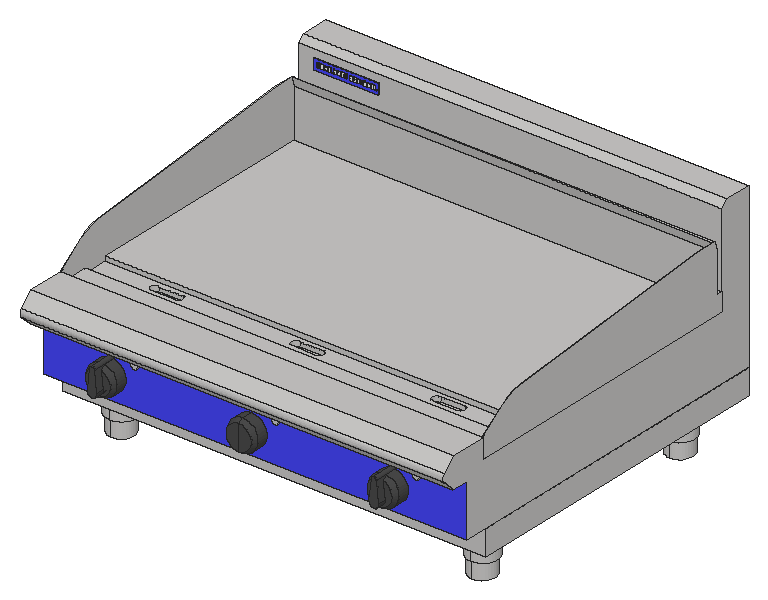
Revit family "QF_MOFFAT_BLUESEAL_CE_E516A-B", category Specialty Equipment, Revit 2012
Parameters
  Width [instance] = 900.0 mm  # constant formula
  Weight in Pounds = 198  # constant formula
  Watts = 10200 W
  Volts = 400 V
  URL Cutsheet = "www.moffat.com"
  URL = "www.moffat.com"
  Type Mark [instance] = ""
  Status [instance] = ""
  Specification by User [instance] = ""
  Specification by Manufacturer = ""
  Show Logo [instance] = yes
  Serial Number = ""
  Seismic Rating = ""
  SMACNA No = ""
  Revision Code [instance] = ""
  Phase = 3
  Omniclass Number and Title = ""
  Number of Poles = 1
  NAFEM Spec ID Number = ""
  Model = "E516A-B"
  Min Ckt Ampacity = 0 A
  Max Overcurrent Protection = 0 A
  Masterspec = ""
  Manufacturer = "MOFFAT BLUESEAL"
  Item Number [instance] = ""
  Installed By [instance] = ""
  Identify Quantity as Lot [instance] = yes
  Height [instance] = 370.0 mm  # constant formula
  HP = ""
  Furnished By [instance] = ""
  Foodservice Equipment Identifier [instance] = yes
  FL Amps = 15 A
  Electrical Remarks = "15A PER PHASE"
  Elec Conn RI Height = 0.0 mm
  Elec Conn Connection Height = 0.0 mm
  Description = "900MM ELECTRIC GRIDDLE PLATE BENCH MOUNT"
  Depth [instance] = 812.0 mm  # constant formula
  Cycle = 50 Hz
  Conn Plug = ""
  Conn Conduit = yes
  CSI MasterFormat = ""
  CSI Master Format = ""
  Base Height [instance] = 85.0 mm
  Apparent Power = if(Phase = 3, Volts * FL Amps * 1.73, Volts * FL Amps)  # 10380 VA
Reference planes
  plane 1 "BACK": y = 0
  plane 2: z = 0
  plane 3 "LEFT": x = 0
  plane 4 "RIGHT": x = 900
  plane 5 "FRONT": y = -812
  plane 6 "TOP": z = 375
  plane 7 "Center Y": x = 450
  plane 8 "Center X": y = -406
  plane 9 "Base Height": z = 85
  plane 10: z = 485
  plane 11: y = -100
  plane 12: y = -625
  plane 13: x = 834.5
  plane 14: x = 65.5
Forms (mm)
  Extrusion 1, solid, material "QF_Finishes_Stainless Steel"
    sketch origin (0, 0, 0) x (0, 1, 0) y (0, 0, 1)
      loop
        line (0, 140) -> (0, 485) -> (-57.5, 485) -> (-70, 472.5) -> (-70, 275) -> (-705, 275) -> (-705, 315) -> (-783.97, 315) -> (-808.485, 290.485)
        arc (-808.485, 290.485) -> (-811.999, 282) -> (-808.485, 273.515) r 12
        line (-808.485, 273.515) -> (-784.97, 250) -> (-749, 250) -> (-749, 140) -> (0, 140)
      loop
        line (0, 85) -> (0, 139.206) -> (-699, 139.206) -> (-699, 85) -> (0, 85)
    from 0 to 900
  Revolve 2, solid, material "QF_Finishes_Stainless Steel"
    sketch origin (65.5, -210, 0) x (0, 1, 0) y (0, 0, 1)
      loop
        line (78.25, 85) -> (78.25, 35) -> (82.5, 35) -> (82.5, 0) -> (110, 0) -> (110, 85) -> (78.25, 85)
      axis (110, 85) -> (110, 0)
    angle from 0 to 360
  Extrusion 3, void
    sketch origin (0, -706, 139.206) x (0, 1, 0) y (-1, 0, 0)
      loop
        circle (674, -770) r 13.5
    from 0 to -86.704
  Revolve 4, solid, material "QF_Finishes_Black"
    sketch origin (750, 7, -6.7) x (0, 1, 0) y (0, 0, -1)
      loop
        line (-789, -234.5) -> (-766, -234.5) -> (-766, -207) -> (-756, -207) -> (-756, -202) -> (-800, -202) -> (-800, -228.651) -> (-789, -234.5)
      axis (-800, -202) -> (-756, -202)
    angle from 0 to 360
  Extrusion 5, solid, material "QF_Finishes_Black"
    sketch origin (888.27, 0, -6.542) x (-1, 0, 0) y (0, 0, -1)
      loop
        line (143.268, -233.955) -> (148.757, -189.87)
        arc (148.757, -189.87) -> (137.685, -179.371) -> (127.85, -191.037) r 10.487
        line (127.85, -191.037) -> (133.271, -233.955)
        arc (133.271, -233.955) -> (138.27, -238.842) -> (143.268, -233.955) r 5
    from 759 to 808
  Revolve 6, solid, material "QF_Finishes_Stainless Steel"
    sketch origin (65.5, -728, 0) x (0, 1, 0) y (0, 0, 1)
      loop
        line (71.25, 85) -> (71.25, 35) -> (75.5, 35) -> (75.5, 0) -> (103, 0) -> (103, 85) -> (71.25, 85)
      axis (103, 85) -> (103, 0)
    angle from 0 to 360
  Extrusion 7, solid, material "QF_Finishes_Stainless Steel"
    sketch origin (0, -706, 139.206) x (0, 1, 0) y (-1, 0, 0)
      loop
        circle (675, -769.75) r 6.35
    from 0 to -24.206
  Extrusion 8, solid, material "QF_Finishes_Stainless Steel"
    sketch origin (0, -749, 250) x (0, 0, -1) y (1, 0, 0)
      loop
        circle (24.7, 195) r 7.15
      loop
        circle (24.7, 495) r 7.15
      loop
        circle (24.7, 794.7) r 7.15
    from 0 to 3.2
  Revolve 9, solid, material "QF_Finishes_Stainless Steel"
    sketch origin (834.5, -210, 0) x (0, 1, 0) y (0, 0, -1)
      loop
        line (78.25, -85) -> (110, -85) -> (110, 0) -> (82.5, 0) -> (82.5, -35) -> (78.25, -35) -> (78.25, -85)
      axis (110, -85) -> (110, 0)
    angle from 0 to 360
  Revolve 10, solid, material "QF_Finishes_Stainless Steel"
    sketch origin (834.5, -728, 0) x (0, 1, 0) y (0, 0, -1)
      loop
        line (71.25, -85) -> (103, -85) -> (103, 0) -> (75.5, 0) -> (75.5, -35) -> (71.25, -35) -> (71.25, -85)
      axis (103, -85) -> (103, 0)
    angle from 0 to 360
  Revolve 11, solid, material "QF_Finishes_Black"
    sketch origin (450, 7, -6.7) x (0, 1, 0) y (0, 0, -1)
      loop
        line (-789, -234.5) -> (-766, -234.5) -> (-766, -207) -> (-756, -207) -> (-756, -202) -> (-800, -202) -> (-800, -228.651) -> (-789, -234.5)
      axis (-800, -202) -> (-756, -202)
    angle from 0 to 360
  Revolve 12, solid, material "QF_Finishes_Black"
    sketch origin (150, 7, -6.7) x (0, 1, 0) y (0, 0, -1)
      loop
        line (-789, -234.5) -> (-766, -234.5) -> (-766, -207) -> (-756, -207) -> (-756, -202) -> (-800, -202) -> (-800, -228.651) -> (-789, -234.5)
      axis (-800, -202) -> (-756, -202)
    angle from 0 to 360
  Extrusion 13, solid, material "QF_Finishes_Black"
    sketch origin (288.27, 0, -6.542) x (-1, 0, 0) y (0, 0, -1)
      loop
        line (143.268, -233.955) -> (148.757, -189.87)
        arc (148.757, -189.87) -> (137.685, -179.371) -> (127.85, -191.037) r 10.487
        line (127.85, -191.037) -> (133.271, -233.955)
        arc (133.271, -233.955) -> (138.27, -238.842) -> (143.268, -233.955) r 5
    from 759 to 808
Cuts and joins
  joined: Revolve 4, Extrusion 5
  Extrusion 3 cuts Extrusion 1
Lines and regions (mm)
  Split face 1
    outline origin (900, 0, 485) x (-1, 0, 0) y (0, -1, 0)
      loop
        arc (856, 18.385) -> (864.66, 23.385) -> (864.66, 33.385) r 10
        line (864.66, 33.385) -> (860.619, 40.385)
        arc (860.619, 40.385) -> (856.959, 44.045) -> (851.959, 45.385) r 10
        line (851.959, 45.385) -> (624, 45.385)
        arc (624, 45.385) -> (615.34, 40.385) -> (615.34, 30.385) r 10
        line (615.34, 30.385) -> (619.381, 23.385)
        arc (619.381, 23.385) -> (623.041, 19.725) -> (628.041, 18.385) r 10
        line (628.041, 18.385) -> (856, 18.385)
  Split face 2
    outline origin (900, 0, 485) x (-1, 0, 0) y (0, -1, 0)
      loop
        arc (276, 18.385) -> (284.66, 23.385) -> (284.66, 33.385) r 10
        line (284.66, 33.385) -> (280.619, 40.385)
        arc (280.619, 40.385) -> (276.959, 44.045) -> (271.959, 45.385) r 10
        line (271.959, 45.385) -> (44, 45.385)
        arc (44, 45.385) -> (35.34, 40.385) -> (35.34, 30.385) r 10
        line (35.34, 30.385) -> (39.381, 23.385)
        arc (39.381, 23.385) -> (43.041, 19.725) -> (48.041, 18.385) r 10
        line (48.041, 18.385) -> (276, 18.385)
  Split face 3
    outline origin (900, 0, 485) x (-1, 0, 0) y (0, -1, 0)
      loop
        arc (566, 18.385) -> (574.66, 23.385) -> (574.66, 33.385) r 10
        line (574.66, 33.385) -> (570.619, 40.385)
        arc (570.619, 40.385) -> (566.959, 44.045) -> (561.959, 45.385) r 10
        line (561.959, 45.385) -> (334, 45.385)
        arc (334, 45.385) -> (325.34, 40.385) -> (325.34, 30.385) r 10
        line (325.34, 30.385) -> (329.381, 23.385)
        arc (329.381, 23.385) -> (333.041, 19.725) -> (338.041, 18.385) r 10
        line (338.041, 18.385) -> (566, 18.385)
  symbolic lines
    curve 1: line (0, -812, 0) -> (900, -812, 0)
    curve 2: line (0, 0, 0) -> (0, -812, 0)
    curve 3: line (900, 0, 0) -> (0, 0, 0)
    curve 4: line (900, -812, 0) -> (900, 0, 0)
    curve 5: line (0, -57.5, 0) -> (900, -57.5, 0)
    curve 6: line (0, -70, 0) -> (900, -70, 0)
    curve 7: line (0, -783.97, 0) -> (900, -783.97, 0)
    curve 8: line (0, -705, 0) -> (900, -705, 0)
    curve 9: line (271.959, -18.385, 0) -> (44, -18.385, 0)
    curve 10: arc (44, -18.385, 0) -> (35.34, -23.385, 0) -> (35.34, -33.385, 0) r 10
    curve 11: line (35.34, -33.385, 0) -> (39.381, -40.385, 0)
    curve 12: arc (39.381, -40.385, 0) -> (43.041, -44.045, 0) -> (48.041, -45.385, 0) r 10
    curve 13: line (48.041, -45.385, 0) -> (276, -45.385, 0)
    curve 14: arc (276, -45.385, 0) -> (284.66, -40.385, 0) -> (284.66, -30.385, 0) r 10
    curve 15: line (284.66, -30.385, 0) -> (280.619, -23.385, 0)
    curve 16: arc (280.619, -23.385, 0) -> (276.959, -19.725, 0) -> (271.959, -18.385, 0) r 10
    curve 17: line (334, -18.385, 0) -> (561.959, -18.385, 0)
    curve 18: arc (561.959, -18.385, 0) -> (566.959, -19.725, 0) -> (570.619, -23.385, 0) r 10
    curve 19: line (570.619, -23.385, 0) -> (574.66, -30.385, 0)
    curve 20: arc (574.66, -30.385, 0) -> (574.66, -40.385, 0) -> (566, -45.385, 0) r 10
    curve 21: line (566, -45.385, 0) -> (338.041, -45.385, 0)
    curve 22: arc (338.041, -45.385, 0) -> (333.041, -44.045, 0) -> (329.381, -40.385, 0) r 10
    curve 23: line (329.381, -40.385, 0) -> (325.34, -33.385, 0)
    curve 24: arc (325.34, -33.385, 0) -> (325.34, -23.385, 0) -> (334, -18.385, 0) r 10
    curve 25: line (624, -18.385, 0) -> (851.959, -18.385, 0)
    curve 26: arc (851.959, -18.385, 0) -> (856.959, -19.725, 0) -> (860.619, -23.385, 0) r 10
    curve 27: line (860.619, -23.385, 0) -> (864.66, -30.385, 0)
    curve 28: arc (864.66, -30.385, 0) -> (864.66, -40.385, 0) -> (856, -45.385, 0) r 10
    curve 29: line (856, -45.385, 0) -> (628.041, -45.385, 0)
    curve 30: arc (628.041, -45.385, 0) -> (623.041, -44.045, 0) -> (619.381, -40.385, 0) r 10
    curve 31: line (619.381, -40.385, 0) -> (615.34, -33.385, 0)
    curve 32: arc (615.34, -33.385, 0) -> (615.34, -23.385, 0) -> (624, -18.385, 0) r 10
Dimensions and locks
  equal spacing: plane 3 "LEFT", plane 7 "Center Y", plane 4 "RIGHT"
  "Width": plane 3 "LEFT" to plane 4 "RIGHT"
  equal spacing: plane 5 "FRONT", plane 8 "Center X", plane 1 "BACK"
  "Depth": plane 5 "FRONT" to plane 1 "BACK"
  "Base Height": plane 9 "Base Height" to level
  locked: plane 6 "TOP" to plane 9 "Base Height" at 290
  plane 6 "TOP" to level = 375.0 mm
  locked: plane 10 to plane 2 at 485
  Extrusion 7 sketch curve to plane 1 "BACK" = 31.0 mm
  cut or joined group of Extrusion 1, Extrusion 3 to plane 2 = 315.0 mm
  aligned and locked: level to plane 2
  aligned and locked: Revolve 2 sketch curve to plane 9 "Base Height"
  aligned and locked: cut or joined group of Extrusion 1, Extrusion 3 to plane 4 "RIGHT"
Automatic sketch dimensions
  curve 1 to plane 3 "LEFT" = 0.0 mm
  curve 4 to plane 4 "RIGHT" = 0.0 mm
  plane 5 "FRONT" to curve 1 = 0.0 mm
  plane 1 "BACK" to curve 3 = 0.0 mm
  curve 11 to plane 14 = 30.16 mm
  curve 11 to curve 12 = 4.041 mm
  curve 10 to curve 9 = 8.66 mm
  curve 11 to curve 12 = 8.66 mm
  plane 1 "BACK" to curve 16 = 28.385 mm
  curve 16 to curve 14 = 4.041 mm  (x2)
  plane 1 "BACK" to curve 15 = 23.385 mm
  curve 9 to curve 15 = 8.66 mm
  plane 1 "BACK" to curve 23 = 33.385 mm
  curve 15 to curve 23 = 40.679 mm
  curve 24 to curve 22 = 4.041 mm  (x2)
  curve 24 to curve 24 = 8.66 mm
  plane 1 "BACK" to curve 18 = 18.385 mm
  plane 7 "Center Y" to curve 18 = 111.959 mm
  curve 18 to curve 21 = 4.041 mm
  curve 17 to curve 18 = 8.66 mm
  plane 1 "BACK" to curve 19 = 30.385 mm
  curve 18 to curve 19 = 4.041 mm
  plane 1 "BACK" to curve 31 = 33.385 mm
  curve 19 to curve 31 = 40.679 mm
  plane 1 "BACK" to curve 31 = 40.385 mm
  curve 31 to curve 31 = 4.041 mm
  curve 32 to curve 32 = 8.66 mm
  curve 31 to curve 30 = 8.66 mm
  plane 13 to curve 26 = 17.459 mm
  curve 26 to curve 29 = 4.041 mm
  curve 25 to curve 27 = 8.66 mm
  curve 26 to curve 27 = 4.041 mm
  curve 7 to plane 5 "FRONT" = 28.03 mm
  curve 7 to curve 8 = 78.97 mm
  plane 11 to curve 6 = 30.0 mm
  curve 6 to curve 5 = 12.5 mm
  curve 21 to curve 24 = 17.0 mm
  plane 1 "BACK" to curve 28 = 45.385 mm
  curve 14 to curve 16 = 17.0 mm
  curve 13 to curve 12 = 5.0 mm
  curve 22 to curve 24 = 7.0 mm
  curve 29 to curve 28 = 10.0 mm
  curve 14 to curve 16 = 7.0 mm
  curve 12 to curve 10 = 7.0 mm
  curve 28 to curve 26 = 7.0 mm
  curve 30 to curve 32 = 7.0 mm
  curve 20 to curve 18 = 7.0 mm
  Extrusion 1 sketch curve to plane 9 "Base Height" = 0.0 mm
  Extrusion 1 sketch curve to plane 10 = 0.0 mm
  Extrusion 1 sketch curve to plane 1 "BACK" = 0.0 mm  (x2)
  plane 11 to Extrusion 1 sketch curve = 42.5 mm
  Extrusion 1 sketch curve to plane 10 = 12.5 mm
  Extrusion 1 sketch curve to Extrusion 1 sketch curve = 12.5 mm
  Extrusion 1 sketch curve to plane 12 = 74.0 mm
  Extrusion 1 sketch curve to plane 12 = 80.0 mm
  Extrusion 1 sketch curve to Extrusion 1 sketch curve = 44.0 mm
  Extrusion 1 sketch curve to plane 5 "FRONT" = 28.03 mm
  Extrusion 1 sketch curve to plane 5 "FRONT" = 27.03 mm
  Extrusion 1 sketch curve to plane 5 "FRONT" = 12.001 mm
  Extrusion 1 sketch curve to plane 5 "FRONT" = 3.515 mm  (x2)
  plane 9 "Base Height" to Extrusion 1 sketch curve = 54.206 mm
  Extrusion 1 sketch curve to Extrusion 1 sketch curve = 0.794 mm
  Extrusion 1 sketch curve to Extrusion 1 sketch curve = 110.0 mm
  Extrusion 1 sketch curve to Extrusion 1 sketch curve = 23.515 mm
  Extrusion 1 sketch curve to Extrusion 1 sketch curve = 25.0 mm
  Extrusion 1 sketch curve to Extrusion 1 sketch curve = 8.485 mm
  Extrusion 1 sketch curve to Extrusion 1 sketch curve = 24.515 mm
  Revolve 2 sketch curve to level = 0.0 mm
  Revolve 2 sketch curve to plane 11 = 0.0 mm  (x2)
  Revolve 2 sketch curve to Revolve 2 sketch curve = 27.5 mm
  Revolve 2 sketch curve to Revolve 2 sketch curve = 31.75 mm
  Revolve 2 sketch curve to Revolve 2 sketch curve = 55.0 mm
  level to Revolve 2 sketch curve = 35.0 mm
  Revolve 2 sketch curve to plane 9 "Base Height" = 30.0 mm
  Extrusion 1 to Extrusion 3 sketch curve = 32.0 mm
  Extrusion 1 to Extrusion 3 sketch curve = 130.0 mm
  Revolve 4 sketch curve to plane 5 "FRONT" = 19.0 mm
  Revolve 4 sketch curve to Revolve 4 sketch curve = 0.0 mm  (x2)
  Revolve 4 sketch curve to Revolve 4 sketch curve = 11.0 mm
  Revolve 4 sketch curve to Revolve 4 sketch curve = 12.7 mm
  Revolve 4 sketch curve to Revolve 4 sketch curve = 23.0 mm
  Revolve 4 sketch curve to Revolve 4 sketch curve = 10.0 mm
  plane 9 "Base Height" to Revolve 4 sketch curve = 142.8 mm
  Revolve 4 sketch curve to Revolve 4 sketch curve = 5.849 mm
  Revolve 4 sketch curve to Revolve 4 sketch curve = 27.5 mm
  Revolve 4 sketch curve to Revolve 4 sketch curve = 5.0 mm
  Extrusion 5 sketch curve to plane 13 = 74.081 mm
  Extrusion 5 sketch curve to Extrusion 5 sketch curve = 5.421 mm
  Extrusion 5 sketch curve to Extrusion 5 sketch curve = 4.999 mm  (x2)
  Extrusion 5 sketch curve to Extrusion 5 sketch curve = 10.419 mm
  Extrusion 5 sketch curve to Extrusion 5 sketch curve = 10.487 mm
  plane 9 "Base Height" to Extrusion 5 sketch curve = 142.413 mm
  Extrusion 5 sketch curve to Extrusion 5 sketch curve = 0.113 mm
  Extrusion 5 sketch curve to Extrusion 5 sketch curve = 42.919 mm
  Extrusion 5 sketch curve to Extrusion 5 sketch curve = 1.167 mm
  Revolve 6 sketch curve to plane 9 "Base Height" = 0.0 mm
  Revolve 6 sketch curve to level = 0.0 mm
  Revolve 6 sketch curve to plane 12 = 0.0 mm  (x2)
  Revolve 6 sketch curve to Revolve 6 sketch curve = 27.5 mm
  Revolve 6 sketch curve to Revolve 6 sketch curve = 31.75 mm
  Revolve 6 sketch curve to level = 55.0 mm
  Revolve 6 sketch curve to Revolve 6 sketch curve = 35.0 mm
  Revolve 6 sketch curve to Revolve 6 sketch curve = 30.0 mm
  Extrusion 1 to Extrusion 7 sketch curve = 130.25 mm
  Split face 1 sketch curve to cut or joined group of Extrusion 1, Extrusion 3 = 27.115 mm
  Split face 1 sketch curve to cut or joined group of Extrusion 1, Extrusion 3 = 284.66 mm
  Split face 1 sketch curve to Split face 1 sketch curve = 4.041 mm  (x4)
  Split face 1 sketch curve to Split face 1 sketch curve = 8.66 mm  (x2)
  Split face 1 sketch curve to cut or joined group of Extrusion 1, Extrusion 3 = 12.115 mm
  Split face 1 sketch curve to cut or joined group of Extrusion 1, Extrusion 3 = 48.041 mm
  Split face 1 sketch curve to Split face 1 sketch curve = 7.0 mm  (x3)
  Split face 1 sketch curve to Split face 1 sketch curve = 17.0 mm
  Split face 2 sketch curve to cut or joined group of Extrusion 1, Extrusion 3 = 35.34 mm
  Split face 2 sketch curve to Split face 2 sketch curve = 4.041 mm  (x4)
  Split face 2 sketch curve to Split face 2 sketch curve = 8.66 mm  (x2)
  Split face 2 sketch curve to cut or joined group of Extrusion 1, Extrusion 3 = 12.115 mm
  Split face 2 sketch curve to Split face 2 sketch curve = 223.917 mm
  Split face 2 sketch curve to Split face 2 sketch curve = 5.0 mm
  Split face 2 sketch curve to Split face 2 sketch curve = 10.0 mm
  Split face 2 sketch curve to Split face 2 sketch curve = 7.0 mm  (x3)
  Extrusion 1 to Extrusion 8 sketch curve = 24.7 mm  (x3)
  Extrusion 1 to Extrusion 8 sketch curve = 195.0 mm
  Extrusion 8 sketch curve to Extrusion 8 sketch curve = 300.0 mm
  Extrusion 1 to Extrusion 8 sketch curve = 105.3 mm
  Revolve 9 sketch curve to plane 9 "Base Height" = 0.0 mm
  Revolve 9 sketch curve to level = 0.0 mm
  Revolve 9 sketch curve to plane 11 = 0.0 mm  (x2)
  Revolve 9 sketch curve to Revolve 9 sketch curve = 27.5 mm
  Revolve 9 sketch curve to Revolve 9 sketch curve = 31.75 mm
  Revolve 9 sketch curve to plane 9 "Base Height" = 30.0 mm
  Revolve 9 sketch curve to Revolve 9 sketch curve = 20.0 mm
  Revolve 9 sketch curve to level = 55.0 mm
  Revolve 10 sketch curve to plane 9 "Base Height" = 0.0 mm
  Revolve 10 sketch curve to level = 0.0 mm
  Revolve 10 sketch curve to plane 12 = 0.0 mm  (x2)
  Revolve 10 sketch curve to Revolve 10 sketch curve = 27.5 mm
  Revolve 10 sketch curve to Revolve 10 sketch curve = 31.75 mm
  Revolve 10 sketch curve to Revolve 10 sketch curve = 30.0 mm
  Revolve 10 sketch curve to Revolve 10 sketch curve = 20.0 mm
  Revolve 10 sketch curve to level = 55.0 mm
  Revolve 11 sketch curve to plane 5 "FRONT" = 19.0 mm
  Revolve 11 sketch curve to Revolve 11 sketch curve = 0.0 mm  (x2)
  Revolve 11 sketch curve to Revolve 11 sketch curve = 11.0 mm
  Revolve 11 sketch curve to Revolve 11 sketch curve = 12.7 mm
  Revolve 11 sketch curve to Revolve 11 sketch curve = 23.0 mm
  Revolve 11 sketch curve to Revolve 11 sketch curve = 10.0 mm
  plane 9 "Base Height" to Revolve 11 sketch curve = 142.8 mm
  Revolve 11 sketch curve to Revolve 11 sketch curve = 5.849 mm
  Revolve 11 sketch curve to Revolve 11 sketch curve = 27.5 mm
  Revolve 11 sketch curve to Revolve 11 sketch curve = 5.0 mm
  Split face 3 sketch curve to cut or joined group of Extrusion 1, Extrusion 3 = 27.115 mm
  Split face 3 sketch curve to cut or joined group of Extrusion 1, Extrusion 3 = 325.34 mm
  Split face 3 sketch curve to Split face 3 sketch curve = 4.041 mm  (x4)
  Split face 3 sketch curve to Split face 3 sketch curve = 8.66 mm  (x2)
  Split face 3 sketch curve to cut or joined group of Extrusion 1, Extrusion 3 = 12.115 mm
  Split face 3 sketch curve to Split face 3 sketch curve = 223.917 mm
  Split face 3 sketch curve to Split face 3 sketch curve = 7.0 mm  (x3)
  Split face 3 sketch curve to Split face 3 sketch curve = 17.0 mm
  Revolve 12 sketch curve to plane 5 "FRONT" = 19.0 mm
  Revolve 12 sketch curve to Revolve 12 sketch curve = 0.0 mm  (x2)
  Revolve 12 sketch curve to Revolve 12 sketch curve = 11.0 mm
  Revolve 12 sketch curve to Revolve 12 sketch curve = 12.7 mm
  Revolve 12 sketch curve to Revolve 12 sketch curve = 23.0 mm
  Revolve 12 sketch curve to Revolve 12 sketch curve = 10.0 mm
  plane 9 "Base Height" to Revolve 12 sketch curve = 142.8 mm
  Revolve 12 sketch curve to Revolve 12 sketch curve = 5.849 mm
  Revolve 12 sketch curve to Revolve 12 sketch curve = 27.5 mm
  Revolve 12 sketch curve to Revolve 12 sketch curve = 5.0 mm
  plane 9 "Base Height" to Extrusion 13 sketch curve = 142.413 mm
  Extrusion 13 sketch curve to Extrusion 13 sketch curve = 0.113 mm
  Extrusion 13 sketch curve to Extrusion 13 sketch curve = 42.919 mm
  Extrusion 13 sketch curve to Extrusion 13 sketch curve = 1.167 mm
  curve 16 to plane 7 "Center Y" = 178.041 mm
  plane 14 to Extrusion 13 sketch curve = 94.919 mm
  Extrusion 13 sketch curve to Extrusion 13 sketch curve = 5.421 mm
  Extrusion 13 sketch curve to Extrusion 13 sketch curve = 4.999 mm  (x2)
  Extrusion 13 sketch curve to Extrusion 13 sketch curve = 10.419 mm
  Extrusion 13 sketch curve to Extrusion 13 sketch curve = 10.487 mm
  radius of Extrusion 3 sketch curve = 13.5 mm
  radius of Extrusion 7 sketch curve = 6.35 mm
  radius of Extrusion 8 sketch curve = 7.15 mm  (x3)
Nested families
  nested 1: "WALDORF LOGO_FACE BASE" at (32, -70, 456.885) x (1, 0, 0) z (0, -1, 0), visible <- "Show Logo", type "WALDORF LOGO_FACE BASE", detail levels medium+fine
    with Show Logo yes
  nested 2: "ELECTRIC GRIDDLE PLATE 900" at (0, -85.003, 275), type "ELECTRIC GRIDDLE PLATE 900"
    with Width 900.0 mm, Type Mark "", Status "", Specification by User "", Revision Code "", Item Number "", Installed By "", Identify Quantity as Lot yes, Furnished By "", Foodservice Equipment Identifier yes, Depth 620.0 mm
Connectors
  electrical at (769.75, -31, 115), driven by "Volts", driven by "Watts"
    settings: on Extrusion 7, index 1, voltage 400 V, apparent load 10200 VA, apparent load phase1 0 VA, apparent load phase2 0 VA, apparent load phase3 0 VA, power factor 1, load classification "Other", number of poles 1, system type 30, power factor state 1, is connector primary yes, connector utility no, sub classification motor no, connector description "ELECTRICAL CONNECTION"
Definition of nested family "WALDORF LOGO_FACE BASE"
  Parameters (values of type "WALDORF LOGO_FACE BASE")
    Show Logo [instance] = yes
    Default Elevation = 1219.2 mm
  Reference planes
    plane 1 "Center (Front/Back)": y = 0
    plane 2: z = 0
    plane 3 "Center (Left/Right)": x = 0
  Forms (mm)
    Extrusion 1, solid
      sketch origin (0, 0, 0) x (1, 0, 0) y (0, 1, 0)
        loop
          line (-1219.2, 1219.2) -> (-1219.2, -1219.2) -> (1219.2, -1219.2) -> (1219.2, 1219.2) -> (-1219.2, 1219.2)
      from 0 to -304.8
    Extrusion 2, solid, material "QF_Finishes_Blue", visible <- "Show Logo"
      sketch origin (0, -33.217, 0) x (1, 0, 0) y (0, 1, 0)
        loop
          arc (138, 31.942) -> (137.626, 32.844) -> (136.724, 33.217) r 1.276
          line (136.724, 33.217) -> (1.29, 33.217)
          arc (1.29, 33.217) -> (0.378, 32.839) -> (0, 31.927) r 1.29
          line (0, 31.927) -> (0, 11.507)
          arc (0, 11.507) -> (0.378, 10.595) -> (1.29, 10.217) r 1.29
          line (1.29, 10.217) -> (136.71, 10.217)
          arc (136.71, 10.217) -> (137.622, 10.595) -> (138, 11.507) r 1.29
          line (138, 11.507) -> (138, 31.942)
      from 0 to 1.588
    Extrusion 3, solid, material "QF_Finishes_White", visible <- "Show Logo"
      sketch origin (0, -33.217, 1.588) x (1, 0, 0) y (0, 1, 0)
        loop
          arc (108.946, 25.919) -> (107.613, 25.367) -> (107.061, 24.034) r 1.885
          line (107.061, 24.034) -> (107.061, 17.211) -> (112.704, 17.211) -> (112.704, 19.129) -> (115.546, 19.129) -> (115.546, 17.211) -> (121.584, 17.211) -> (121.584, 24.075)
          arc (121.584, 24.075) -> (121.043, 25.379) -> (119.739, 25.919) r 1.845
          line (119.739, 25.919) -> (108.946, 25.919)
        loop
          line (123.478, 25.919) -> (123.478, 17.163) -> (134.904, 17.163) -> (134.904, 19.129) -> (129.246, 19.129) -> (129.246, 25.919) -> (123.478, 25.919)
        loop
          line (112.704, 21.258) -> (115.546, 21.258) -> (115.546, 22.702)
          arc (115.546, 22.702) -> (115.344, 23.188) -> (114.858, 23.389) r 0.687
          line (114.858, 23.389) -> (113.363, 23.389)
          arc (113.363, 23.389) -> (112.897, 23.196) -> (112.704, 22.73) r 0.658
          line (112.704, 22.73) -> (112.704, 21.258)
        loop
          line (105.071, 25.919) -> (93.771, 25.919) -> (93.771, 17.163) -> (105.071, 17.163) -> (105.071, 19.063) -> (99.535, 19.063) -> (99.535, 20.437) -> (105.071, 20.437) -> (105.071, 22.278) -> (99.535, 22.278) -> (99.535, 23.587) -> (105.071, 23.587) -> (105.071, 25.919)
        loop
          line (91.104, 25.919) -> (79.541, 25.919)
          arc (79.541, 25.919) -> (78.558, 25.513) -> (78.152, 24.53) r 1.389
          line (78.152, 24.53) -> (78.152, 22.08)
          arc (78.152, 22.08) -> (78.558, 21.098) -> (79.541, 20.691) r 1.389
          line (79.541, 20.691) -> (86.346, 20.691) -> (86.346, 18.864) -> (83.266, 18.864) -> (83.266, 19.664) -> (78.152, 19.664) -> (78.152, 18.553)
          arc (78.152, 18.553) -> (78.558, 17.57) -> (79.541, 17.163) r 1.389
          line (79.541, 17.163) -> (91.063, 17.163)
          arc (91.063, 17.163) -> (92.045, 17.57) -> (92.452, 18.553) r 1.389
          line (92.452, 18.553) -> (92.452, 20.691)
          arc (92.452, 20.691) -> (92.045, 21.673) -> (91.063, 22.08) r 1.389
          line (91.063, 22.08) -> (83.266, 22.08) -> (83.266, 23.984) -> (86.346, 23.984) -> (86.346, 22.743) -> (92.452, 22.743) -> (92.452, 24.571)
          arc (92.452, 24.571) -> (92.057, 25.524) -> (91.104, 25.919) r 1.348
        loop
          line (70.705, 25.919) -> (59.405, 25.919) -> (59.405, 17.163) -> (70.705, 17.163) -> (70.705, 19.063) -> (65.169, 19.063) -> (65.169, 20.437) -> (70.705, 20.437) -> (70.705, 22.278) -> (65.169, 22.278) -> (65.169, 23.587) -> (70.705, 23.587) -> (70.705, 25.919)
        loop
          line (57.598, 25.919) -> (51.7, 25.919) -> (51.7, 20.18)
          arc (51.7, 20.18) -> (50.63, 19.11) -> (49.56, 20.18) r 1.07
          line (49.56, 20.18) -> (49.56, 25.919) -> (43.663, 25.919) -> (43.663, 19.049)
          arc (43.663, 19.049) -> (44.215, 17.716) -> (45.548, 17.163) r 1.885
          line (45.548, 17.163) -> (55.71, 17.163)
          arc (55.71, 17.163) -> (57.045, 17.716) -> (57.598, 19.051) r 1.887
          line (57.598, 19.051) -> (57.598, 25.919)
        loop
          line (31.62, 25.919) -> (31.62, 17.163) -> (43.046, 17.163) -> (43.046, 19.129) -> (37.388, 19.129) -> (37.388, 25.919) -> (31.62, 25.919)
        loop
          line (15.969, 25.919) -> (15.969, 17.163) -> (28.693, 17.163)
          arc (28.693, 17.163) -> (29.812, 17.627) -> (30.276, 18.746) r 1.582
          line (30.276, 18.746) -> (30.276, 20.447) -> (29.48, 21.243) -> (30.276, 22.039) -> (30.276, 24.332)
          arc (30.276, 24.332) -> (29.811, 25.454) -> (28.688, 25.919) r 1.587
          line (28.688, 25.919) -> (15.969, 25.919)
        loop
          line (21.449, 24.159) -> (21.449, 22.436) -> (23.862, 22.436)
          arc (23.862, 22.436) -> (24.723, 23.298) -> (23.862, 24.159) r 0.861
          line (23.862, 24.159) -> (21.449, 24.159)
        loop
          line (21.449, 20.244) -> (21.449, 18.522) -> (23.862, 18.522)
          arc (23.862, 18.522) -> (24.723, 19.383) -> (23.862, 20.244) r 0.861
          line (23.862, 20.244) -> (21.449, 20.244)
      from 0 to 0.2
    Extrusion 4, solid, material "QF_Finishes_Blue", visible <- "Show Logo"
      sketch origin (-126.498, -31.09, 1.588) x (1, 0, 0) y (0, 1, 0)
        loop
          line (136.738, 23.522) -> (136.738, 15.1)
          arc (136.738, 15.1) -> (140.756, 19.311) -> (136.738, 23.522) r 4.216
      from 0 to 0.2
    Extrusion 5, solid, material "QF_Finishes_Red", visible <- "Show Logo"
      sketch origin (146.849, -31.09, 1.588) x (-1, 0, 0) y (0, -1, 0)
        loop
          arc (136.738, -23.522) -> (140.756, -19.311) -> (136.738, -15.1) r 4.216
          line (136.738, -15.1) -> (136.738, -23.522)
      from 0 to 0.2
  Lines and regions (mm)
    Split face 1
      outline origin (-90.35, -30.793, 1.588) x (1, 0, 0) y (0, 1, 0)
        loop
          circle (100.54, 19.013) r 4.536
  Dimensions and locks
    aligned and locked: plane 2 to Extrusion 1
    aligned and locked: level to Extrusion 1
Definition of nested family "ELECTRIC GRIDDLE PLATE 900"
  Parameters (values of type "ELECTRIC GRIDDLE PLATE 900")
    Width [instance] = 900.0 mm
    Weight in Pounds = 0
    URL Cutsheet = ""
    Type Mark [instance] = ""
    Status [instance] = ""
    Specification by User [instance] = ""
    Specification by Manufacturer = ""
    Serial Number = ""
    Seismic Rating = ""
    SMACNA No = ""
    Revision Code [instance] = ""
    Omniclass Number and Title = ""
    NAFEM Spec ID Number = ""
    Masterspec = ""
    Item Number [instance] = ""
    Installed By [instance] = ""
    Identify Quantity as Lot [instance] = yes
    Furnished By [instance] = ""
    Foodservice Equipment Identifier [instance] = yes
    Depth [instance] = 620.0 mm
    CSI MasterFormat = ""
    CSI Master Format = ""
  Reference planes
    plane 1 "BACK": y = 0
    plane 2: z = 0
    plane 3 "LEFT": x = 0
    plane 4 "RIGHT": x = 900
    plane 5 "FRONT": y = -620
    plane 6 "TOP": z = 142.5
    plane 7 "Center Y": x = 450
    plane 8 "Center X": y = -310
    plane 9: y = -530.997
    plane 10: y = -541.497
    plane 11: y = -503.25
    plane 12: y = -557.737
  Forms (mm)
    Extrusion 1, solid, material "QF_Finishes_Stainless Steel"
      sketch origin (0, 70.003, -874.5) x (0, 1, 0) y (0, 0, 1)
        loop
          line (-70, 875) -> (-70, 997.489) -> (-75.228, 1017) -> (-117.24, 1017) -> (-589.533, 971.523)
          arc (-589.533, 971.523) -> (-614.56, 965.803) -> (-637.306, 953.899) r 100
          line (-637.306, 953.899) -> (-690.003, 917) -> (-690.003, 875) -> (-70, 875)
      from 0 to 1.8
    Extrusion 2, solid, material "QF_Finishes_Stainless Steel"
      sketch origin (600, 70.003, -874.5) x (0, -1, 0) y (0, 0, 1)
        loop
          line (70, 875) -> (690.003, 875) -> (690.003, 917) -> (637.306, 953.899)
          arc (637.306, 953.899) -> (614.56, 965.803) -> (589.533, 971.523) r 100
          line (589.533, 971.523) -> (117.24, 1017) -> (75.228, 1017) -> (70, 997.489) -> (70, 875)
      from -300 to -298.8
    Extrusion 3, solid, material "QF_Finishes_Stainless Steel"
      sketch origin (150, 70.003, -874.5) x (0, 1, 0) y (0, 0, 1)
        loop
          line (-70, 894.5) -> (-573.253, 894.5) -> (-573.253, 884) -> (-627.74, 884) -> (-627.74, 894.5) -> (-690.003, 894.5) -> (-690.003, 874.5) -> (-55, 874.5) -> (-55, 914.5) -> (-70, 914.5) -> (-70, 894.5)
      from -150 to 750
    Extrusion 4, void
      sketch origin (150, -541.497, 10) x (0, -1, 0) y (1, 0, 0)
        loop
          arc (-7.497, 25) -> (-17.497, 35) -> (-27.497, 25) r 10
          line (-27.497, 25) -> (-27.497, -25)
          arc (-27.497, -25) -> (-17.497, -35) -> (-7.497, -25) r 10
          line (-7.497, -25) -> (-7.497, 25)
        loop
          arc (-7.497, 325) -> (-17.497, 335) -> (-27.497, 325) r 10
          line (-27.497, 325) -> (-27.497, 275)
          arc (-27.497, 275) -> (-17.497, 265) -> (-7.497, 275) r 10
          line (-7.497, 275) -> (-7.497, 325)
        loop
          arc (-7.497, 625) -> (-17.497, 635) -> (-27.497, 625) r 10
          line (-27.497, 625) -> (-27.497, 575)
          arc (-27.497, 575) -> (-17.497, 565) -> (-7.497, 575) r 10
          line (-7.497, 575) -> (-7.497, 625)
      from -41.4 to 40.142
    Extrusion 5, solid, material "QF_Finishes_Stainless Steel"
      sketch origin (0, 70.003, -874.5) x (0, 1, 0) y (0, 0, 1)
        loop
          line (-70, 875) -> (-70, 997.489) -> (-75.228, 1017) -> (-76.884, 1017) -> (-71.6, 997.278) -> (-71.6, 875) -> (-70, 875)
      from 0 to 898.8
  Cuts and joins
    Extrusion 4 cuts Extrusion 3
    joined: Extrusion 1, Extrusion 2, Extrusion 3, Extrusion 5
  Lines and regions (mm)
    symbolic lines
      curve 1: line (898.8, -503.25, 0) -> (0, -503.25, 0)
      curve 2: line (1.8, -557.737, 0) -> (898.8, -557.737, 0)
      curve 3: line (0, -620, 0) -> (900, -620, 0)
      curve 4: line (900, -5.225, 0) -> (0, -5.225, 0)
      curve 5: line (0, -5.225, 0) -> (0, -620, 0)
      curve 6: line (900, -620, 0) -> (900, -5.225, 0)
      curve 7: line (125, -514, 0) -> (175, -514, 0)
      curve 8: arc (175, -514, 0) -> (185, -524, 0) -> (175, -534, 0) r 10
      curve 9: line (175, -534, 0) -> (125, -534, 0)
      curve 10: arc (125, -534, 0) -> (115, -524, 0) -> (125, -514, 0) r 10
      curve 11: line (425, -514, 0) -> (475, -514, 0)
      curve 12: arc (475, -514, 0) -> (485, -524, 0) -> (475, -534, 0) r 10
      curve 13: line (475, -534, 0) -> (425, -534, 0)
      curve 14: arc (425, -534, 0) -> (415, -524, 0) -> (425, -514, 0) r 10
      curve 15: line (775, -534, 0) -> (725, -534, 0)
      curve 16: arc (725, -534, 0) -> (715, -524, 0) -> (725, -514, 0) r 10
      curve 17: line (725, -514, 0) -> (775, -514, 0)
      curve 18: arc (775, -514, 0) -> (785, -524, 0) -> (775, -534, 0) r 10
  Dimensions and locks
    equal spacing: plane 3 "LEFT", plane 7 "Center Y", plane 4 "RIGHT"
    "Width": plane 3 "LEFT" to plane 4 "RIGHT"
    equal spacing: plane 5 "FRONT", plane 8 "Center X", plane 1 "BACK"
    "Depth": plane 5 "FRONT" to plane 1 "BACK"
    locked: Extrusion 2 to Extrusion 2 at 1.2
    aligned and locked: level to plane 2
    aligned and locked: Extrusion 2 to plane 4 "RIGHT"
    aligned and locked: curve 1 to plane 11
    aligned and locked: plane 12 to curve 2
    aligned and locked: Extrusion 5 to cut or joined group of Extrusion 1, Extrusion 2, Extrusion 3, Extrusion 4, Extrusion 5
    aligned and locked: cut or joined group of Extrusion 1, Extrusion 2, Extrusion 3, Extrusion 4, Extrusion 5 to plane 4 "RIGHT"
    aligned and locked: cut or joined group of Extrusion 1, Extrusion 2, Extrusion 3, Extrusion 4, Extrusion 5 to plane 3 "LEFT"
  Automatic sketch dimensions
    Extrusion 1 sketch curve to plane 5 "FRONT" = 0.0 mm
    Extrusion 1 sketch curve to plane 6 "TOP" = 0.0 mm
    plane 12 to Extrusion 1 sketch curve = 9.566 mm
    plane 11 to Extrusion 1 sketch curve = 16.28 mm
    Extrusion 1 sketch curve to level = 2.516 mm
    plane 11 to Extrusion 1 sketch curve = 6.695 mm
    plane 1 "BACK" to Extrusion 1 sketch curve = 47.237 mm
    plane 1 "BACK" to Extrusion 1 sketch curve = 5.225 mm
    Extrusion 1 sketch curve to plane 1 "BACK" = 0.003 mm
    level to Extrusion 1 sketch curve = 0.5 mm
    Extrusion 1 sketch curve to Extrusion 1 sketch curve = 42.0 mm
    Extrusion 1 sketch curve to plane 6 "TOP" = 63.101 mm
    Extrusion 1 sketch curve to plane 6 "TOP" = 19.511 mm
    Extrusion 2 sketch curve to plane 6 "TOP" = 0.0 mm
    Extrusion 2 sketch curve to plane 5 "FRONT" = 0.0 mm
    plane 12 to Extrusion 2 sketch curve = 9.566 mm
    plane 11 to Extrusion 2 sketch curve = 16.28 mm
    Extrusion 2 sketch curve to level = 2.516 mm
    plane 11 to Extrusion 2 sketch curve = 6.695 mm
    plane 1 "BACK" to Extrusion 2 sketch curve = 47.237 mm
    plane 1 "BACK" to Extrusion 2 sketch curve = 5.225 mm
    Extrusion 2 sketch curve to plane 1 "BACK" = 0.003 mm
    level to Extrusion 2 sketch curve = 0.5 mm
    Extrusion 2 sketch curve to Extrusion 2 sketch curve = 42.0 mm
    Extrusion 2 sketch curve to plane 6 "TOP" = 63.101 mm
    Extrusion 2 sketch curve to plane 6 "TOP" = 19.511 mm
    plane 1 "BACK" to Extrusion 5 sketch curve = 5.225 mm
    Extrusion 5 sketch curve to plane 1 "BACK" = 0.003 mm
    Extrusion 5 sketch curve to plane 6 "TOP" = 19.511 mm
    Extrusion 5 sketch curve to Extrusion 5 sketch curve = 1.6 mm
    Extrusion 5 sketch curve to Extrusion 5 sketch curve = 0.211 mm
    Extrusion 5 sketch curve to plane 6 "TOP" = 0.0 mm
    Extrusion 5 sketch curve to Extrusion 5 sketch curve = 1.656 mm
    level to Extrusion 5 sketch curve = 0.5 mm
    plane 5 "FRONT" to curve 3 = 0.0 mm
    plane 3 "LEFT" to curve 2 = 1.8 mm
    plane 3 "LEFT" to curve 4 = 0.0 mm
    plane 4 "RIGHT" to curve 2 = 1.2 mm
    plane 4 "RIGHT" to curve 3 = 0.0 mm
    plane 4 "RIGHT" to curve 1 = 1.2 mm
    plane 1 "BACK" to curve 6 = 5.225 mm
    Extrusion 3 sketch curve to plane 5 "FRONT" = 0.0 mm
    Extrusion 3 sketch curve to plane 12 = 0.0 mm
    Extrusion 3 sketch curve to plane 11 = 0.0 mm
    Extrusion 3 sketch curve to plane 1 "BACK" = 0.003 mm
    level to Extrusion 3 sketch curve = 0.0 mm
    Extrusion 3 sketch curve to Extrusion 3 sketch curve = 15.0 mm
    level to Extrusion 3 sketch curve = 9.5 mm
    Extrusion 3 sketch curve to Extrusion 3 sketch curve = 10.5 mm
    Extrusion 3 sketch curve to Extrusion 3 sketch curve = 20.0 mm  (x2)
    plane 11 to Extrusion 4 sketch curve = 10.75 mm  (x3)
    Extrusion 4 sketch curve to Extrusion 4 sketch curve = 10.0 mm  (x3)
    plane 3 "LEFT" to Extrusion 4 sketch curve = 125.0 mm
    Extrusion 4 sketch curve to Extrusion 4 sketch curve = 50.0 mm  (x2)
    Extrusion 4 sketch curve to plane 7 "Center Y" = 25.0 mm
    plane 7 "Center Y" to Extrusion 4 sketch curve = 25.0 mm
    plane 4 "RIGHT" to Extrusion 4 sketch curve = 175.0 mm
    plane 11 to curve 10 = 20.75 mm
    plane 3 "LEFT" to curve 10 = 125.0 mm
    curve 8 to plane 12 = 23.737 mm
    curve 9 to curve 8 = 50.0 mm
    curve 13 to plane 7 "Center Y" = 25.0 mm
    plane 7 "Center Y" to curve 13 = 25.0 mm
    curve 13 to plane 12 = 23.737 mm
    curve 14 to curve 14 = 10.0 mm
    plane 11 to curve 16 = 20.75 mm
    plane 4 "RIGHT" to curve 16 = 175.0 mm
    curve 15 to plane 12 = 23.737 mm
    curve 15 to curve 15 = 50.0 mm
